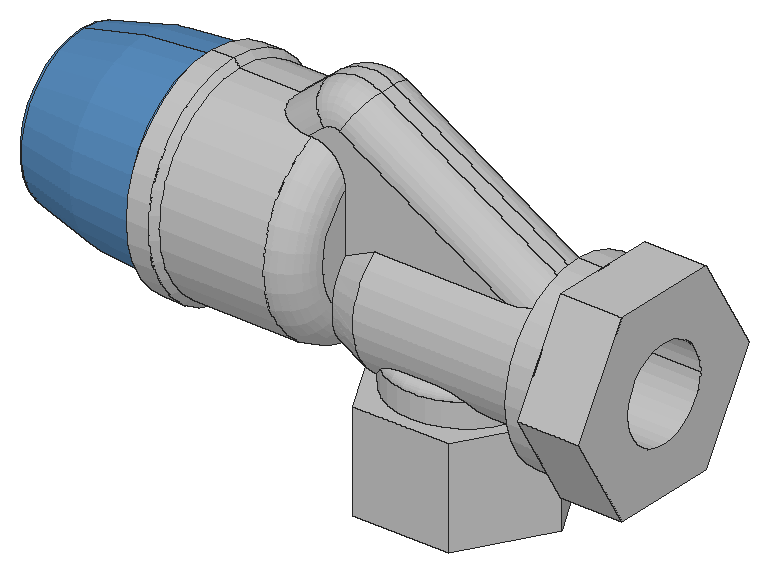
Revit family "Resideo_ThermostaticRadiatorValve_V2100Azzz", category Pipe Accessories, Revit 2020
Family settings
  Round Connector Dimension = Use Radius
  Part Type = Valve - Breaks Into
  OmniClass Number = 23.65.55.00
  OmniClass Title = Distribution of Supplied Liquids/Gases
  Work Plane-Based = No
  Always vertical = Yes
  Cut with Voids When Loaded = No
  Shared = No
Parameters (values of type "V2100API15")
  pH-Range = "8 ... 9.5"
  d = 10.00 mm
  c = 20.00 mm
  b = 26.00 mm
  a = 32.30 mm
  _ObjectUserGuide = "https://www.bimstore.co/products/thermostatic-radiator-valve-v2100a/document/object-user-guide"
  _DistributedBy = "https://www.bimstore.co/"
  _CurrentRevision = 1
  _CreatedBy = "https://www.bimstore.co/"
  _BimSpecGuid = 0
  _BSBibleVersion = 16
  _AuthorizedBy = "bimstore"
  _Author = "AM"
  WarrantyStartDate [instance] = "Please record on commissioning"
  WarrantyGuarantorParts = "www.resideo.com/gb/en/contact-us/"
  WarrantyGuarantorLabor = "www.resideo.com/gb/en/contact-us/"
  WarrantyDurationUnit = "Year"
  WarrantyDurationParts = "0"
  WarrantyDurationLabor = "0"
  WarrantyDescription = "n/a"
  ValveType = "V2100A"
  ValveSeries = "V2100, Kombi-TRV"
  TypeName = "V2100API15"
  StrokeStandard = "2.5 mm"
  SpareParts = "n/a"
  Size = "96mm (L) x 56mm (H) x 35mm (D)"
  Shape = "n/a"
  SerialNumber [instance] = "Please record on commissioning"
  SecondaryMaterial = Resideo - Plastic - Blue
  ReplacementCost = "n/a"
  ReferencedStandard = "n/a"
  RadiatorConnection = "R 1/2\""
  ProductionYear = "2023"
  PrimaryMaterial = Resideo - Brass - Nickel Plated
  PreSetting = "Yes"
  PipeConnection = "Rp 1/2\""
  NominalPressure = "PN10"
  NominalLength = 96.00 mm
  NominalHeight = 56.00 mm
  NominalFlow = "120 kg/h"
  NominalDepth = 35.00 mm
  NBSReference = "90-10-90/364"
  NBSOfficeMasterTag = "n/a"
  NBSObjectName = "Resideo - Thermostatic radiator valves"
  NBSNote = "n/a"
  NBSDescription = "Thermostatic radiator valves"
  ModelReference = "PI-TRV BODY HORIZONTAL ANGLE"
  ModelNumber = "V2100API15"
  MinimumFlow = 0.17 L/min
  MediumType = "Water or water-glycol mixture according to VDI 2035"
  MediaTemperatureRange = "2 ... 90 °C"
  MaximumOperatingPressure = 10.0 bar
  MaximumFlow = 2.67 L/min
  MaximumAmbientRelativeHumidity = "75 % (non condensing)"
  Material = "Brass"
  ManufacturerName = "Resideo"
  InstallationDate [instance] = "Please record on commissioning"
  IfcExportType = "IfcValveTypeEnum.ISOLATING"
  IfcExportAs = "IfcValve"
  Grade = "n/a"
  Force = "90 Nm"
  FlowController = "Yes"
  Finish = "n/a"
  Features = "n/a"
  ExpectedLife = -1
  DurationUnit = "Year"
  DocumentationTechnical = "https://www.bimstore.co/products/thermostatic-radiator-valve-v2100a/document/technical-data-sheet"
  DocumentationMaintenance = "https://www.bimstore.co/products/thermostatic-radiator-valve-v2100a/document/maintenance-information"
  DocumentationLiterature = "https://www.bimstore.co/products/thermostatic-radiator-valve-v2100a/document/product-literature"
  DocumentationInstallationGuide = "https://www.bimstore.co/products/thermostatic-radiator-valve-v2100a/document/installation-guide"
  DocumentationCertificates = "https://www.bimstore.co/products/thermostatic-radiator-valve-v2100a/document/product-certificates"
  DifferentialPressure = "0.1 … 0.6 bar"
  Default Elevation = 0.00 mm
  DN15 = yes
  DN10 = no
  CreatedOn = "2023-09-15 T:09:00:00"
  CreatedBy = "www.resideo.com/gb/en/contact-us/"
  Constituents = "n/a"
  ConnectionType = "M30x1.5"
  ConnectionSize = 15.00 mm
  ConnectionRadius = ConnectionSize / 2  # 7.50 mm
  Color = "n/a"
  CodePerformance = "n/a"
  ClosingDimension = "11.5 mm"
  ClassificationValue = "Pr_65_54_95_89"
  ClassificationName = "Uniclass 2015"
  BarCode [instance] = "Please record on commissioning"
  BIMObjectName = "Resideo_ThermostaticRadiatorValve_V2100A"
  AssetType = "Fixed"
  AssetIdentifier [instance] = "Please record on commissioning"
  URL = "www.resideo.com"
  Type Comments = "PI-TRV BODY HORIZONTAL ANGLE"
  Model = "V2100API15"
  Manufacturer = "Resideo"
  Loss Method = K Coefficient
  Keynote = "S"
  K Coefficient = 0
  Description = "PI-TRV BODY HORIZONTAL ANGLE"
  Cost = 0
  Assembly Code = "D20"
  AmbientTemperature = "0 ... 40 °C"
  AccessibilityPerformance = "n/a"
Types (2, lengths in mm): name | d | c | b | a | TypeName | Size | RadiatorConnection | PipeConnection | NominalLength | NominalHeight | ModelNumber | ExpectedLife | DN15 | DN10 | ConnectionSize | ConnectionRadius | Model
  V2100API10 | 7.00 | 15.00 | 22.00 | 30.80 | "V2100API10" | "93mm (L) x 52mm (H) x 35mm (D)" | "R 3/8\"" | "Rp 3/8\"" | 93.00 | 52.00 | "V2100API10" | 0 | no | yes | 10.00 | 5.00 | "V2100API10"
  V2100API15 | 10.00 | 20.00 | 26.00 | 32.30 | "V2100API15" | "96mm (L) x 56mm (H) x 35mm (D)" | "R 1/2\"" | "Rp 1/2\"" | 96.00 | 56.00 | "V2100API15" | -1 | yes | no | 15.00 | 7.50 | "V2100API15"
Reference planes
  plane 1 "Center (Front/Back)": y = 0
  plane 2: z = 0
  plane 3 "Center (Left/Right)": x = 0
Forms (mm)
  Revolve 1, solid, material "Resideo - Brass - Nickel Plated" <- "PrimaryMaterial", visible <- "DN10", detail levels medium+fine
    sketch origin (0, 0, 0) x (1, 0, 0) y (0, 0, 1)
      loop
        line (-39.763, -10.5) -> (-36.06, -10.5) -> (-35.06, -9.5) -> (-19.038, -9.5)
        arc (-19.038, -9.5) -> (-15.779, -8.15) -> (-14.429, -4.891) r 4.608
        line (-14.429, -4.891) -> (-14.429, 7) -> (-39.763, 7) -> (-39.763, -10.5)
      axis (-14.429, 7) -> (-39.763, 7)
    angle from 0 to 360
  Revolve 2, solid, material "Resideo - Brass - Nickel Plated" <- "PrimaryMaterial", visible <- "DN10", detail levels medium+fine
    sketch origin (0, 0, 0) x (1, 0, 0) y (0, 0, 1)
      loop
        line (22.3, 0) -> (-22.485, 0) -> (-9.765, -10.3) -> (18.3, -10.3) -> (18.3, -13.5) -> (22.3, -13.5) -> (22.3, 0)
      axis (-22.485, 0) -> (22.3, 0)
    angle from 0 to 360
  Extrusion 3, solid, material "Resideo - Brass - Nickel Plated" <- "PrimaryMaterial", visible <- "DN10", detail levels medium+fine
    sketch origin (0, 0, 0) x (0, 1, 0) y (0, 0, 1)
      loop
        line (-13.5, 7.794) -> (-13.5, -7.794) -> (0, -15.588) -> (13.5, -7.794) -> (13.5, 7.794) -> (0, 15.588) -> (-13.5, 7.794)
      loop
        circle (0, 0) r 5
    from 22.3 to 30.8
  Extrusion 4, solid, material "Resideo - Brass - Nickel Plated" <- "PrimaryMaterial", visible <- "DN10", detail levels medium+fine
    sketch origin (0, 0, 0) x (1, 0, 0) y (0, 1, 0)
      loop
        line (-6.351, -11) -> (6.351, -11) -> (12.702, 0) -> (6.351, 11) -> (-6.351, 11) -> (-12.702, 0) -> (-6.351, -11)
      loop
        circle (0, 0) r 5
    from -22 to -8.858
  Revolve 5, solid, material "Resideo - Plastic - Blue" <- "SecondaryMaterial", visible <- "DN10", detail levels medium+fine
    sketch origin (0, 0, 0) x (1, 0, 0) y (0, 0, 1)
      loop
        line (-39.763, 7) -> (-39.763, 23.751)
        arc (-39.763, 23.751) -> (-50.39, 22.909) -> (-60.74, 20.352) r 65.399
        arc (-60.74, 20.352) -> (-61.48, 19.805) -> (-61.763, 18.93) r 1.5
        line (-61.763, 18.93) -> (-61.763, 7) -> (-39.763, 7)
      axis (-39.763, 7) -> (-61.763, 7)
    angle from 0 to 360
  Sweep 6, solid, material "Resideo - Brass - Nickel Plated" <- "PrimaryMaterial", visible <- "DN10", detail levels medium+fine
    path origin (-12.5, 0, 39) x (1, 0, 0) y (0, 0, 1)
      loop
        line (-16.862, -19.303) -> (-7.541, -11.483)
        arc (-7.541, -11.483) -> (-3.358, -9.755) -> (1.057, -10.749) r 7.5
        line (1.057, -10.749) -> (34.8, -30.424)
    profile origin (-24.701, 0, 23.607) x (-0.642788, 0, 0.766044) y (0, -1, 0)
      loop
        line (-6, -7) -> (-4.5, -7)
        arc (-4.5, -7) -> (-1.318, -5.682) -> (0, -2.5) r 4.5
        line (0, -2.5) -> (0, 2.5)
        arc (0, 2.5) -> (-1.318, 5.682) -> (-4.5, 7) r 4.5
        line (-4.5, 7) -> (-6, 7) -> (-6, -7)
  Extrusion 7, solid, material "Resideo - Brass - Nickel Plated" <- "PrimaryMaterial", visible <- "DN10", detail levels medium+fine
    sketch origin (0, 0, 0) x (1, 0, 0) y (0, 0, 1)
      loop
        line (-16.185, 22.921) -> (-25.505, 15.1) -> (-25.505, 3.393) -> (19.278, 3.393) -> (-14.465, 23.068)
        arc (-14.465, 23.068) -> (-15.348, 23.266) -> (-16.185, 22.921) r 1.5
    from -7 to 7
  Revolve 8, solid, material "Resideo - Plastic - Blue" <- "SecondaryMaterial", visible <- "DN15", detail levels medium+fine
    sketch origin (-12.5, 0, 39) x (1, 0, 0) y (0, 0, 1)
      loop
        arc (-30.07, -15.254) -> (-40.26, -16.155) -> (-50.18, -18.652) r 64.644
        arc (-50.18, -18.652) -> (-50.919, -19.199) -> (-51.2, -20.074) r 1.5
        line (-51.2, -20.074) -> (-51.2, -31.467) -> (-29.263, -31.467) -> (-29.262, -16.054)
        arc (-29.262, -16.054) -> (-29.499, -15.486) -> (-30.07, -15.254) r 0.8
      axis (-29.263, -31.467) -> (-51.2, -31.467)
    angle from 0 to 360
  Revolve 9, solid, material "Resideo - Brass - Nickel Plated" <- "PrimaryMaterial", visible <- "DN15", detail levels medium+fine
    sketch origin (-12.5, 0, 39) x (1, 0, 0) y (0, 0, 1)
      loop
        line (-29.263, -32) -> (-29.263, -49.501) -> (-25.761, -49.501) -> (-24.759, -48.499) -> (-7.703, -48.499)
        arc (-7.703, -48.499) -> (-3.856, -46.905) -> (-2.263, -43.058) r 5.44
        line (-2.263, -43.058) -> (-2.263, -32) -> (-29.263, -32)
      axis (-2.263, -32) -> (-29.263, -32)
    angle from 0 to 360
  Revolve 10, solid, material "Resideo - Brass - Nickel Plated" <- "PrimaryMaterial", visible <- "DN15", detail levels medium+fine
    sketch origin (0, 0, 0) x (1, 0, 0) y (0, 0, 1)
      loop
        line (18.3, -15) -> (22.3, -15) -> (22.3, 0) -> (-9.867, 0) -> (-19.582, 0) -> (-19.582, -7.451) -> (-9.867, -10.987) -> (17.335, -10.987) -> (18.3, -11.952) -> (18.3, -15)
      axis (-19.582, 0) -> (22.3, 0)
    angle from 0 to 360
  Extrusion 11, solid, material "Resideo - Brass - Nickel Plated" <- "PrimaryMaterial", visible <- "DN15", detail levels medium+fine
    sketch origin (0, 0, 0) x (1, 0, 0) y (0, 1, 0)
      loop
        line (-7.794, -13.5) -> (7.794, -13.5) -> (15.588, 0) -> (7.794, 13.5) -> (-7.794, 13.5) -> (-15.588, 0) -> (-7.794, -13.5)
      loop
        circle (0, 0) r 7.5
    from -26 to -10.013
  Revolve 12, solid, material "Resideo - Brass - Nickel Plated" <- "PrimaryMaterial", visible <- "DN15", detail levels medium+fine
    sketch origin (0, 0, 0) x (1, 0, 0) y (0, 0, 1)
      loop
        line (0, -4.679) -> (0, -10.013) -> (11.5, -10.013) -> (11.5, -6.179)
        arc (11.5, -6.179) -> (11.061, -5.118) -> (10, -4.679) r 1.5
        line (10, -4.679) -> (0, -4.679)
      axis (0, -10.013) -> (0, -4.679)
    angle from 0 to 360
  Extrusion 13, solid, material "Resideo - Brass - Nickel Plated" <- "PrimaryMaterial", visible <- "DN15", detail levels medium+fine
    sketch origin (0, 0, 0) x (0, 1, 0) y (0, 0, 1)
      loop
        line (-8.66, 15) -> (-17.321, 0) -> (-8.66, -15) -> (8.66, -15) -> (17.321, 0) -> (8.66, 15) -> (-8.66, 15)
      loop
        circle (0, 0) r 7.5
    from 22.3 to 32.3
  Sweep 14, solid, material "Resideo - Brass - Nickel Plated" <- "PrimaryMaterial", visible <- "DN15", detail levels medium+fine
    path origin (0, 0, 0) x (1, 0, 0) y (0, 0, 1)
      loop
        line (-31.385, 19.922) -> (-21.523, 28.198)
        arc (-21.523, 28.198) -> (-17.356, 29.924) -> (-12.952, 28.948) r 7.5
        line (-12.952, 28.948) -> (22.3, 8.595)
    profile origin (-21.523, 0, 28.198) x (-0.642788, 0, 0.766044) y (0, -1, 0)
      loop
        line (-6.5, 6.5) -> (-6.5, -6.5) -> (-5.208, -6.5)
        arc (-5.208, -6.5) -> (-1.525, -4.975) -> (0, -1.292) r 5.208
        line (0, -1.292) -> (0, 1.308)
        arc (0, 1.308) -> (-1.521, 4.979) -> (-5.192, 6.5) r 5.192
        line (-5.192, 6.5) -> (-6.5, 6.5)
  Extrusion 15, solid, material "Resideo - Brass - Nickel Plated" <- "PrimaryMaterial", visible <- "DN15", detail levels medium+fine
    sketch origin (0, 0, 0) x (1, 0, 0) y (0, 0, 1)
      loop
        arc (-16.202, 23.318) -> (-16.789, 23.449) -> (-17.345, 23.218) r 1
        line (-17.345, 23.218) -> (-27.207, 14.943) -> (-27.207, 2.966) -> (19.05, 2.966) -> (-16.202, 23.318)
    from -6.5 to 6.5
  Revolve 16, solid, visible <- "DN10", detail levels medium+fine
    sketch origin (0, 0, 0) x (1, 0, 0) y (0, 0, 1)
      loop
        line (0, -1.718) -> (0, -8.858) -> (11, -8.858) -> (11, -3.718)
        arc (11, -3.718) -> (10.414, -2.303) -> (9, -1.718) r 2
        line (9, -1.718) -> (0, -1.718)
      axis (0, -8.858) -> (0, -1.718)
    angle from 0 to 360
  Extrusion 17, solid, not visible, detail levels medium+fine
    sketch origin (0, 0, 0) x (1, 0, 0) y (0, 1, 0)
      loop
        circle (0, 0) r 2.5
    from 0 to -26
  Extrusion 18, solid, not visible, detail levels medium+fine
    sketch origin (0, 0, 0) x (0, -0.707107, -0.707107) y (0, 0.707107, -0.707107)
      loop
        circle (0, 0) r 2.5
    from 0 to 32.3
Cuts and joins
  joined: Revolve 1, Revolve 2, Sweep 6, Extrusion 7
  joined: Extrusion 11, Revolve 12
  joined: Revolve 9, Revolve 10, Sweep 14, Extrusion 15
Lines and regions (mm)
  model lines, detail levels coarse
    curve 1: line (-7.5, 0, -15) -> (7.5, 0, -15)
    curve 2: line (15, 0, 7.5) -> (15, 0, -7.5)
    curve 3: line (-7.5, 0, -15) -> (0, 0, 0)
    curve 4: line (7.5, 0, -15) -> (0, 0, 0)
    curve 5: line (15, 0, -7.5) -> (0, 0, 0)
    curve 6: line (15, 0, 7.5) -> (0, 0, 0)
    curve 7: line (0, 0, -15) -> (0, 0, -26)
    curve 8: line (15, 0, 0) -> (32.3, 0, 0)
    curve 9: line (-7.5, 0, 20) -> (7.5, 0, 20)
    curve 10: line (-7.5, 0, 20) -> (-7.5, 0, 10)
    curve 11: line (7.5, 0, 20) -> (7.5, 0, 10)
    curve 12: line (0, 0, 20) -> (0, 0, 0)
Dimensions and locks
  equal spacing: curve 1, plane 3 "Center (Left/Right)", curve 1
  "ConnectionSize": curve 1 to curve 1
  equal spacing: curve 2, level, curve 2
  "ConnectionSize": curve 2 to curve 2
  "ConnectionSize": curve 2 to plane 3 "Center (Left/Right)"
  "ConnectionSize": level to curve 1
  "a": curve 8 to plane 3 "Center (Left/Right)"
  "b": level to curve 7
  equal spacing: curve 9, plane 3 "Center (Left/Right)", curve 9
  "ConnectionSize": curve 9 to curve 9
  "c": curve 9 to level
  "d": curve 9 to curve 10
  "d": curve 9 to curve 11
  "a": Extrusion 18 to plane 3 "Center (Left/Right)"
  "b": level to Extrusion 17
  aligned and locked: level to plane 2
  aligned and locked: curve 1 to curve 7
  aligned and locked: curve 2 to curve 8
  aligned and locked: curve 7 to plane 3 "Center (Left/Right)"
  aligned and locked: curve 8 to level
  aligned and locked: level to curve 12
  aligned and locked: curve 9 to curve 12
  aligned and locked: curve 12 to plane 3 "Center (Left/Right)"
  aligned and locked: plane 3 "Center (Left/Right)" to Extrusion 17 sketch curve
  aligned and locked: plane 1 "Center (Front/Back)" to Extrusion 17 sketch curve
  aligned and locked: level to Extrusion 18 sketch curve
  aligned and locked: plane 1 "Center (Front/Back)" to Extrusion 18 sketch curve
  aligned and locked: Extrusion 17 to level
  aligned and locked: Extrusion 18 to plane 3 "Center (Left/Right)"
Automatic sketch dimensions
  level to Revolve 1 sketch curve = 7.00 mm  (x2)
  Revolve 1 sketch curve to plane 3 "Center (Left/Right)" = 39.763 mm
  Revolve 1 sketch curve to Revolve 1 sketch curve = 3.703 mm
  Revolve 1 sketch curve to Revolve 1 sketch curve = 1.00 mm  (x2)
  Revolve 1 sketch curve to level = 4.891 mm
  Revolve 1 sketch curve to Revolve 1 sketch curve = 16.022 mm
  Revolve 1 sketch curve to Revolve 1 sketch curve = 4.608 mm
  Revolve 1 sketch curve to Revolve 1 sketch curve = 29.237 mm
  Revolve 1 sketch curve to Revolve 1 sketch curve = 0.763 mm
  Extrusion 3 sketch curve to plane 1 "Center (Front/Back)" = 0.00 mm  (x3)
  Extrusion 3 sketch curve to level = 0.00 mm
  plane 1 "Center (Front/Back)" to Extrusion 3 sketch curve = 13.50 mm
  Extrusion 3 sketch curve to plane 1 "Center (Front/Back)" = 13.50 mm
  Extrusion 3 sketch curve to level = 7.794 mm  (x2)
  level to Extrusion 3 sketch curve = 7.794 mm  (x2)
  Extrusion 3 sketch curve to Extrusion 3 sketch curve = 7.794 mm  (x2)
  plane 1 "Center (Front/Back)" to Extrusion 4 sketch curve = 0.00 mm  (x3)
  Extrusion 4 sketch curve to plane 3 "Center (Left/Right)" = 0.00 mm
  Extrusion 4 sketch curve to plane 3 "Center (Left/Right)" = 6.351 mm  (x2)
  Extrusion 4 sketch curve to Extrusion 4 sketch curve = 6.351 mm  (x2)
  plane 3 "Center (Left/Right)" to Extrusion 4 sketch curve = 6.351 mm  (x2)
  plane 1 "Center (Front/Back)" to Extrusion 4 sketch curve = 11.00 mm
  Extrusion 4 sketch curve to plane 1 "Center (Front/Back)" = 11.00 mm
  level to Revolve 5 sketch curve = 7.00 mm
  Revolve 5 sketch curve to plane 3 "Center (Left/Right)" = 61.763 mm
  Revolve 5 sketch curve to Revolve 5 sketch curve = 1.50 mm
  Revolve 5 sketch curve to plane 3 "Center (Left/Right)" = 39.929 mm
  Revolve 5 sketch curve to Revolve 5 sketch curve = 20.50 mm
  Revolve 5 sketch curve to Revolve 5 sketch curve = 11.93 mm
  Revolve 5 sketch curve to Revolve 5 sketch curve = 16.751 mm
  Revolve 5 sketch curve to Revolve 5 sketch curve = 7.424 mm
  Revolve 5 sketch curve to Revolve 5 sketch curve = 0.00 mm  (x2)
  Sweep 6 sketch curve to profile plane = 0.00 mm
  Sweep 6 sketch curve to Sweep 6 sketch curve = 4.50 mm
  profile plane to Sweep 6 sketch curve = 4.50 mm
  Sweep 6 sketch curve to Sweep 6 sketch curve = 1.50 mm
  Sweep 6 sketch curve to profile plane = 7.00 mm
  profile plane to Sweep 6 sketch curve = 2.50 mm
  level to Extrusion 7 sketch curve = 3.393 mm
  Extrusion 7 sketch curve to plane 3 "Center (Left/Right)" = 25.505 mm
  Extrusion 7 sketch curve to Extrusion 7 sketch curve = 9.32 mm
  Extrusion 7 sketch curve to Extrusion 7 sketch curve = 0.964 mm
  Extrusion 7 sketch curve to Extrusion 7 sketch curve = 0.756 mm
  Extrusion 7 sketch curve to Extrusion 7 sketch curve = 11.708 mm
  Extrusion 7 sketch curve to Extrusion 7 sketch curve = 6.672 mm
  Extrusion 7 sketch curve to Extrusion 7 sketch curve = 1.149 mm
  Revolve 9 sketch curve to level = 10.501 mm
  Revolve 9 sketch curve to plane 3 "Center (Left/Right)" = 41.763 mm
  Revolve 9 sketch curve to Revolve 9 sketch curve = 3.502 mm
  Revolve 9 sketch curve to level = 9.499 mm
  Revolve 9 sketch curve to Revolve 9 sketch curve = 1.002 mm
  Revolve 9 sketch curve to Revolve 9 sketch curve = 17.056 mm
  Revolve 9 sketch curve to Revolve 9 sketch curve = 5.44 mm
  level to Revolve 9 sketch curve = 7.00 mm  (x2)
  Revolve 9 sketch curve to Revolve 9 sketch curve = 0.00 mm
  Revolve 9 sketch curve to Revolve 9 sketch curve = 22.869 mm
  plane 1 "Center (Front/Back)" to Extrusion 11 sketch curve = 0.00 mm  (x3)
  Extrusion 11 sketch curve to plane 3 "Center (Left/Right)" = 0.00 mm
  Extrusion 11 sketch curve to plane 3 "Center (Left/Right)" = 7.794 mm  (x2)
  Extrusion 11 sketch curve to Extrusion 11 sketch curve = 7.794 mm  (x2)
  plane 3 "Center (Left/Right)" to Extrusion 11 sketch curve = 7.794 mm  (x2)
  plane 1 "Center (Front/Back)" to Extrusion 11 sketch curve = 13.50 mm
  Extrusion 11 sketch curve to plane 1 "Center (Front/Back)" = 13.50 mm
  Revolve 12 sketch curve to plane 3 "Center (Left/Right)" = 0.00 mm  (x2)
  Revolve 12 sketch curve to level = 4.679 mm
  plane 3 "Center (Left/Right)" to Revolve 12 sketch curve = 10.00 mm
  Revolve 12 sketch curve to Revolve 12 sketch curve = 1.50 mm
  Revolve 12 sketch curve to Revolve 12 sketch curve = 3.834 mm
  Revolve 12 sketch curve to Revolve 12 sketch curve = 0.00 mm
  Revolve 12 sketch curve to level = 2.172 mm
  Extrusion 13 sketch curve to level = 0.00 mm  (x3)
  Extrusion 13 sketch curve to plane 1 "Center (Front/Back)" = 0.00 mm
  plane 1 "Center (Front/Back)" to Extrusion 13 sketch curve = 8.66 mm  (x2)
  Extrusion 13 sketch curve to Extrusion 13 sketch curve = 8.66 mm  (x2)
  Extrusion 13 sketch curve to plane 1 "Center (Front/Back)" = 8.66 mm  (x2)
  level to Extrusion 13 sketch curve = 15.00 mm
  Sweep 14 sketch curve to plane 3 "Center (Left/Right)" = 21.523 mm
  Sweep 14 sketch curve to Sweep 14 sketch curve = 4.821 mm
  Sweep 14 sketch curve to Sweep 14 sketch curve = 3.75 mm
  level to Sweep 14 sketch curve = 22.452 mm
  Sweep 14 sketch curve to Sweep 14 sketch curve = 5.745 mm
  Sweep 14 sketch curve to Sweep 14 sketch curve = 9.862 mm
  Sweep 14 sketch curve to Sweep 14 sketch curve = 8.275 mm
  level to Sweep 14 sketch curve = 8.595 mm
  Sweep 14 sketch curve to profile plane = 0.00 mm
  profile plane to Sweep 14 sketch curve = 5.192 mm
  Sweep 14 sketch curve to plane 1 "Center (Front/Back)" = 1.292 mm
  Sweep 14 sketch curve to Sweep 14 sketch curve = 0.016 mm
  Sweep 14 sketch curve to Sweep 14 sketch curve = 1.308 mm
  plane 1 "Center (Front/Back)" to Sweep 14 sketch curve = 1.308 mm
  Extrusion 15 sketch curve to plane 3 "Center (Left/Right)" = 27.207 mm
  Extrusion 15 sketch curve to Extrusion 15 sketch curve = 9.862 mm
  Extrusion 15 sketch curve to Extrusion 15 sketch curve = 0.643 mm
  Extrusion 15 sketch curve to Extrusion 15 sketch curve = 0.50 mm
  level to Extrusion 15 sketch curve = 2.966 mm
  Extrusion 15 sketch curve to Extrusion 15 sketch curve = 11.977 mm
  Extrusion 15 sketch curve to Extrusion 15 sketch curve = 7.509 mm
  Extrusion 15 sketch curve to Extrusion 15 sketch curve = 0.766 mm
  Revolve 16 sketch curve to plane 3 "Center (Left/Right)" = 0.00 mm  (x2)
  Revolve 16 sketch curve to level = 3.718 mm
  plane 3 "Center (Left/Right)" to Revolve 16 sketch curve = 9.00 mm
  Revolve 16 sketch curve to Revolve 16 sketch curve = 2.00 mm
  Revolve 16 sketch curve to Revolve 16 sketch curve = 5.141 mm
  Revolve 16 sketch curve to Revolve 16 sketch curve = 0.00 mm
  level to Revolve 16 sketch curve = 2.025 mm
  Revolve 5 sketch curve to level = 41.648 mm
  Extrusion 13 sketch curve to level = 15.00 mm
  plane 3 "Center (Left/Right)" to Extrusion 7 sketch curve = 19.278 mm
  plane 3 "Center (Left/Right)" to Sweep 14 sketch curve = 22.30 mm
  plane 3 "Center (Left/Right)" to Extrusion 15 sketch curve = 19.05 mm
  Revolve 10 sketch curve to level = 0.00 mm  (x2)
  Revolve 10 sketch curve to level = 7.451 mm
  Revolve 10 sketch curve to plane 3 "Center (Left/Right)" = 19.582 mm
  Revolve 10 sketch curve to Revolve 10 sketch curve = 9.714 mm
  Revolve 10 sketch curve to plane 3 "Center (Left/Right)" = 9.867 mm
  plane 3 "Center (Left/Right)" to Revolve 10 sketch curve = 17.335 mm
  Revolve 10 sketch curve to Revolve 10 sketch curve = 0.965 mm  (x2)
  Revolve 10 sketch curve to Revolve 10 sketch curve = 4.00 mm
  Revolve 10 sketch curve to level = 10.987 mm
  Revolve 10 sketch curve to Revolve 10 sketch curve = 3.048 mm
  Revolve 10 sketch curve to Revolve 10 sketch curve = 0.00 mm
  Revolve 10 sketch curve to Revolve 10 sketch curve = 9.076 mm
  Revolve 2 sketch curve to level = 0.00 mm  (x2)
  Revolve 2 sketch curve to plane 3 "Center (Left/Right)" = 22.485 mm
  plane 3 "Center (Left/Right)" to Revolve 2 sketch curve = 18.30 mm
  Revolve 2 sketch curve to Revolve 2 sketch curve = 4.00 mm
  Revolve 2 sketch curve to level = 10.30 mm
  Revolve 2 sketch curve to Revolve 2 sketch curve = 3.20 mm
  Revolve 2 sketch curve to Revolve 2 sketch curve = 0.00 mm
  Revolve 2 sketch curve to Revolve 2 sketch curve = 13.825 mm
  Revolve 2 sketch curve to plane 3 "Center (Left/Right)" = 9.765 mm
  Sweep 6 sketch curve to plane 3 "Center (Left/Right)" = 20.041 mm
  Sweep 6 sketch curve to Sweep 6 sketch curve = 4.821 mm
  Sweep 6 sketch curve to Sweep 6 sketch curve = 3.778 mm
  Sweep 6 sketch curve to Sweep 6 sketch curve = 5.745 mm
  Sweep 6 sketch curve to Sweep 6 sketch curve = 9.32 mm
  level to Sweep 6 sketch curve = 8.576 mm
  plane 3 "Center (Left/Right)" to Sweep 6 sketch curve = 22.30 mm
  Sweep 6 sketch curve to Sweep 6 sketch curve = 7.821 mm
  level to Sweep 6 sketch curve = 21.772 mm
  level to Revolve 8 sketch curve = 7.533 mm
  Revolve 8 sketch curve to Revolve 8 sketch curve = 1.50 mm
  Revolve 8 sketch curve to Revolve 8 sketch curve = 19.638 mm
  Revolve 8 sketch curve to plane 3 "Center (Left/Right)" = 41.988 mm
  Revolve 8 sketch curve to Revolve 8 sketch curve = 0.80 mm
  Revolve 8 sketch curve to Revolve 8 sketch curve = 11.394 mm
  Revolve 8 sketch curve to Revolve 8 sketch curve = 15.413 mm
  Revolve 8 sketch curve to Revolve 8 sketch curve = 0.063 mm
  Revolve 8 sketch curve to Revolve 8 sketch curve = 5.00 mm
  Revolve 8 sketch curve to Revolve 8 sketch curve = 0.00 mm  (x3)
  Revolve 8 sketch curve to Revolve 8 sketch curve = 0.007 mm
  radius of Extrusion 3 sketch curve = 5.00 mm
  radius of Extrusion 4 sketch curve = 5.00 mm
  radius of Extrusion 11 sketch curve = 7.50 mm
  radius of Extrusion 13 sketch curve = 7.50 mm
  radius of Extrusion 17 sketch curve = 2.50 mm
  radius of Extrusion 18 sketch curve = 2.50 mm
Connectors
  piping at (32.3, 0, 0), diameter 15, driven by "ConnectionRadius"
    settings: on Extrusion 18, index 1, connector inside diameter 609.6 mm, connector length 0.00 mm, flow factor 0, pipe flow 0.0 L/min, pressure drop 0.0 bar, fitting loss kfactor 0, connector angle 0.00°, fixture units 0, engagement length 0.00 mm, angle of deflection 0.00°, flow configuration 0, flow direction 2, fitting loss method 0, system type 29, joint type 0, gender type 0, connector reference index 2, connector utility 0, adjustable connector no, is connector primary yes, connector description ""
  piping at (0, 0, -26), diameter 15, driven by "ConnectionRadius"
    settings: on Extrusion 17, index 2, connector inside diameter 609.6 mm, connector length 0.00 mm, flow factor 0, pipe flow 0.0 L/min, pressure drop 0.0 bar, fitting loss kfactor 0, connector angle 0.00°, fixture units 0, engagement length 0.00 mm, angle of deflection 0.00°, flow configuration 0, flow direction 1, fitting loss method 0, system type 29, joint type 0, gender type 0, connector reference index 1, connector utility 0, adjustable connector no, is connector primary no, connector description ""
